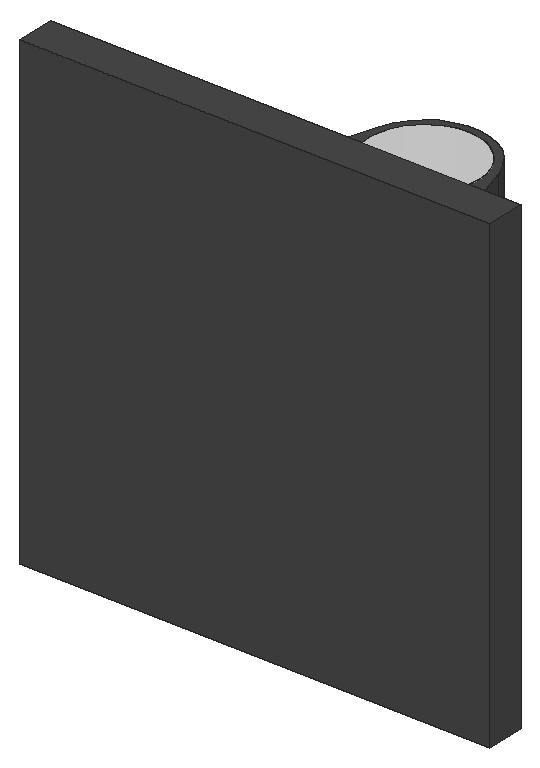
Revit family "3-748 Cadet Wall Lantern", category Lighting Fixtures, host Wall, Revit 2018
Family settings
  Host = Wall
  Round Connector Dimension = Use Diameter
  Part Type = Normal
  OmniClass Number = 23.80.70.00
  OmniClass Title = Lighting
  Always vertical = Yes
  Cut with Voids When Loaded = No
  Light Source = Yes
  Shared = No
  Room Calculation Point = No
Parameters (values of type "3-748-15 / Black - White Frost Glass")
  Wattage Comments = "2 x 3.0 W at 120 V"  # constant formula
  Wattage = 4.94 W
  built-in parameter 1150110 = 1 (stored number, unit not read)
  Voltage Input = "120 V or 277 V - 50/60 Hz"  # constant formula
  Voltage = 120 V
  URL = "www.oxygenlighting.com"
  built-in parameter 1114217 = 1 (stored number, unit not read)
  Tilt Angle = 90.00°  # constant formula
  built-in parameter 1150109 = 1 (stored number, unit not read)
  built-in parameter 1150134 = (empty or 0)
  built-in parameter 1150113 = 1 (stored number, unit not read)
  References = "Ref. 3 = 120 V / Ref. 37 = 277 V"  # constant formula
  Photometric Web File = "3-748-15 Cadet Outdoor.ies"
  Model = "3-748-xx Cadet Wall Lanter"  # constant formula
  Metal Finish = 15 - Black
  Manufacturer = "Oxygen - Lighting & Fans"  # constant formula
  Main Diffuser = White Frost Glass
  Lumens = 281.086 lm
  built-in parameter 1150115 = 1 (stored number, unit not read)
  built-in parameter 1150105 = 22.368 (stored number, unit not read)
  built-in parameter 1150137 = (empty or 0)
  built-in parameter 1150139 = (empty or 0)
  built-in parameter 1150112 = 1 (stored number, unit not read)
  built-in parameter 1150114 = 1 (stored number, unit not read)
  Lamp = "LED Array"  # constant formula
  built-in parameter 1150132 = (empty or 0)
  built-in parameter 1150102 = (empty or 0)
  built-in parameter 1150138 = (empty or 0)
  built-in parameter 1150107 = 3000 (stored number, unit not read)
  built-in parameter 1150106 = 0.22368 (stored number, unit not read)
  built-in parameter 1150104 = 5.2862 (stored number, unit not read)
  Dimming Lamp Color Temperature Shift = <None>
  Color Filter = 16777215
  built-in parameter 1114218 = 1 (stored number, unit not read)
  built-in parameter 1150133 = 10 (stored number, unit not read)
Types (3): name | Metal Finish
  (no name) | 15 - Black
  3-748-15 / Black - White Frost Glass | 15 - Black
  3-748-16 / Gray - White Frost Glass | 16 - Gray
Reference planes (in)
  plane 1: y = 0
  plane 2 "Light Source Axis (F/B)": y = 5.20194
  plane 3 "Light Source Axis (L/R)": x = -1.43133
  plane 4 "Light Source Elevation": z = 33
  plane 5 "Wall Face": y = 3
Text (in)
  text "Placement Side" at (0, 40.15149, 123.01588), in view "Right"
  text "Placement Side" at (-70.3804, 56.61594, 0), in view "Ref. Level"
  text "Placement Side" at (0, 47.49176, 140.59947), in view "Left"
Dimensions and locks (in)
  locked: plane 5 "Wall Face" to plane 2 "Light Source Axis (F/B)" at 2.20194
  aligned and locked: plane 3 "Light Source Axis (L/R)" to imposter light
  aligned and locked: plane 2 "Light Source Axis (F/B)" to imposter light
  aligned and locked: plane 4 "Light Source Elevation" to imposter light
  aligned and locked: plane 5 "Wall Face" to host wall
  aligned and locked: nested 1 to plane 3 "Light Source Axis (L/R)"
  aligned and locked: plane 5 "Wall Face" to nested 1
  aligned and locked: nested 2 to plane 3 "Light Source Axis (L/R)"
  aligned and locked: nested 2 to nested 1
Nested families (in)
  nested 1: "Base" at (-1.43133, 3, 0), type "Base"
  nested 2: "Extru" at (-1.43133, 3.39458, 33), type "Extrusion"
Connectors (in)
  electrical at (-1.43133, 3, 33), driven by "Voltage"
    settings: on nested 1, index 1, voltage 120 V, apparent load 0 VA, apparent load phase1 0 VA, apparent load phase2 0 VA, apparent load phase3 0 VA, power factor 1, load classification "Other", number of poles 1, system type 31, power factor state 1, is connector primary yes, connector utility no, sub classification motor no, connector description ""
Definition of nested family "Base"
  Parameters (values of type "Base")
    Metal Finish = none
  Reference planes (in)
    plane 1 "Center (Front/Back)": y = 0
    plane 2: z = 0
    plane 3 "Center (Left/Right)": x = 0
  Forms (in)
    Extrusion 1, solid, material <- "Metal Finish"
      sketch origin (0, -3, 0) x (0, -1, 0) y (0, 0, 1)
        loop
          line (-3.39458, 35.36221) -> (-3.39458, 30.63779) -> (-3, 30.63779) -> (-3, 35.36221) -> (-3.39458, 35.36221)
      from 2.36 to -2.36
  Dimensions and locks (in)
    aligned and locked: level to plane 2
Definition of nested family "Extru"
  Parameters (values of type "Extrusion")
    Metal Finish = none
    Main Diffuser = none
  Reference planes (in)
    plane 1 "Center (Front/Back)": y = 0
    plane 2: z = 0
    plane 3 "Center (Left/Right)": x = 0
  Forms (in)
    Extrusion 1, solid, material <- "Metal Finish"
      sketch origin (0, 0, 0) x (1, 0, 0) y (0, 1, 0)
        loop
          line (1.18083, 0) -> (0.60144, 1.9181)
          arc (0.60144, 1.9181) -> (0, 2.3647) -> (-0.60144, 1.9181) r 0.62828
          line (-0.60144, 1.9181) -> (-1.18083, 0) -> (1.18083, 0)
        loop
          circle (0.00056, 1.74002) r 0.54901
      from 1.1811 to -1.1811
    Extrusion 2, solid, material <- "Main Diffuser"
      sketch origin (0, 0, 0) x (1, 0, 0) y (0, 1, 0)
        loop
          circle (0.00056, 1.74002) r 0.54901
      from 1.1811 to -1.1811
  Dimensions and locks (in)
    aligned and locked: level to plane 2
